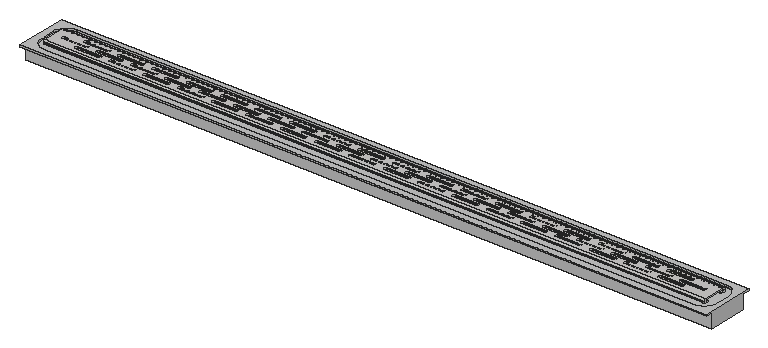
Revit family "Drain-Linear_Slotted_Noble_FreeStyle", category Plumbing Fixtures, host Face, Revit 2017
Family settings
  Host = Face
  Round Connector Dimension = Use Diameter
  Part Type = Normal
  OmniClass Number = 23.45.55.21
  OmniClass Title = Drains (Wastes)
  Cut with Voids When Loaded = No
  Shared = No
  Room Calculation Point = No
Parameters (values of type "60in PVC")
  Weight = "10 lbs"
  URL = "www.noblecompany.com"
  Type Comments = ""
  Product Properties = "http://www.noblecompany.com/Portals/0/PRODUCT%20INFO/Product%20Descriptions/FreeStyle%20Linear%20Drain%20Product%20Decription%200410.pdf"
  Product Data = "http://www.noblecompany.com/Products/ShowerProducts/tabid/59/Default.aspx"
  Plate = Stainless Steel - Brushed
  Model = "Freestyle 60 PVC - Slotted"
  Manufacturer Phone - Toll Free = "800-878-5788"
  Manufacturer Phone = "231-799-8000"
  Manufacturer Fax = "231-799-8850"
  Manufacturer Email = "mailto:sales@noblecompany.com"
  Manufacturer Address = "7300 Enterprise Drive, Spring Lake, MI  49456 USA"
  Manufacturer = "Noble Company"
  Installation-Fabrication = "http://www.noblecompany.com/Portals/0/PRODUCT%20INFO/Product%20Descriptions/FreeStyle%20Linear%20Drain%20Product%20Decription%200410.pdf"
  GPM = 0 GPM
  Description = "Freestyle 60 PVC - Slotted Linear Drain"
  Building Codes = "http://www.noblecompany.com/Portals/0/TECHNICAL%20INFO/Listing_Testing_Certification_Reports/PMG-1065%20Noble%20Company%20Linear%20Drain%20final%202.pdf"
  Base = PVC
  B = 57 3/4"
  Assembly Code = "D2030300"
  A = 60"
  Default Elevation = 0"
  D = 1 5/8"
  C = 33 3/4"
Types (14): name | Model | Description | Base | B | A | D | C
  24in ABS | "Freestyle 24 ABS - Slotted" | "Freestyle 24 ABS - Slotted Linear Drain" | ABS | 21 3/4" | 24" | 1 1/4" | 15 3/4"
  32in ABS | "Freestyle 32 ABS - Slotted" | "Freestyle 32 ABS - Slotted Linear Drain" | ABS | 29 3/4" | 32" | 1 3/8" | 19 1/2"
  36in ABS | "Freestyle 36 ABS - Slotted" | "Freestyle 36 ABS - Slotted Linear Drain" | ABS | 33 3/4" | 36" | 1 3/8" | 21 3/4"
  40in ABS | "Freestyle 40 ABS - Slotted" | "Freestyle 40 ABS - Slotted Linear Drain" | ABS | 37 3/4" | 40" | 1 7/16" | 23 3/4"
  48in ABS | "Freestyle 48 ABS - Slotted" | "Freestyle 48 ABS - Slotted Linear Drain" | ABS | 45 3/4" | 48" | 1 1/2" | 27 3/4"
  54in ABS | "Freestyle 54 ABS - Slotted" | "Freestyle 54 ABS - Slotted Linear Drain" | ABS | 51 3/4" | 54" | 1 9/16" | 30 3/4"
  60in ABS | "Freestyle 60 ABS - Slotted" | "Freestyle 60 ABS - Slotted Linear Drain" | ABS | 57 3/4" | 60" | 1 5/8" | 33 3/4"
  24in PVC | "Freestyle 24 PVC - Slotted" | "Freestyle 24 PVC - Slotted Linear Drain" | PVC | 21 3/4" | 24" | 1 1/4" | 15 3/4"
  32in PVC | "Freestyle 32 PVC - Slotted" | "Freestyle 32 PVC - Slotted Linear Drain" | PVC | 29 3/4" | 32" | 1 3/8" | 19 1/2"
  36in PVC | "Freestyle 36 PVC - Slotted" | "Freestyle 36 PVC - Slotted Linear Drain" | PVC | 33 3/4" | 36" | 1 3/8" | 21 3/4"
  40in PVC | "Freestyle 40 PVC - Slotted" | "Freestyle 40 PVC - Slotted Linear Drain" | PVC | 37 3/4" | 40" | 1 7/16" | 23 3/4"
  48in PVC | "Freestyle 48 PVC - Slotted" | "Freestyle 48 PVC - Slotted Linear Drain" | PVC | 45 3/4" | 48" | 1 1/2" | 27 3/4"
  54in PVC | "Freestyle 54 PVC - Slotted" | "Freestyle 54 PVC - Slotted Linear Drain" | PVC | 51 3/4" | 54" | 1 9/16" | 30 3/4"
  60in PVC | "Freestyle 60 PVC - Slotted" | "Freestyle 60 PVC - Slotted Linear Drain" | PVC | 57 3/4" | 60" | 1 5/8" | 33 3/4"
Reference planes (in)
  plane 1 "Center (Front/Back)": y = 0
  plane 2: z = 0
  plane 3 "Center (Left/Right)": x = 0
  plane 4: z = -1.625
  plane 5: z = -4.05899
  plane 6: z = -1.625
  plane 7: y = 1.6875
  plane 8: y = -1.6875
  plane 9: z = -0.375
  plane 10: y = 2.25
  plane 11: y = -2.25
  plane 12: z = -0.3125
  plane 13: x = 30
  plane 14: x = -30
  plane 15: x = 28.875
  plane 16: x = -3.75
  plane 17: x = -28.875
  plane 18: z = -0.125
Forms (in)
  Extrusion 1, void, detail levels medium+fine
    sketch origin (0, 0, 0) x (1, 0, 0) y (0, 1, 0)
      loop
        circle (-3.75, 0) r 1
    from -60 to 34.55449
  Extrusion 2, solid, material "PVC" <- "Base", detail levels medium+fine
    sketch origin (10.05986, 0, 0) x (0, 1, 0) y (0, 0, 1)
      loop
        line (2.25, -0.375) -> (2.25, -0.25) -> (-2.25, -0.25) -> (-2.25, -0.375) -> (-1.6875, -0.375) -> (-1.6875, -1.625) -> (1.6875, -1.625) -> (1.6875, -0.375) -> (2.25, -0.375)
    from -40.05986 to 19.94014
  Extrusion 3, void
    sketch origin (10.05986, 0, 0) x (1, 0, 0) y (0, 1, 0)
      loop
        arc (-38.37906, 1.769) -> (-39.18512, 1.43512) -> (-39.519, 0.62906) r 1.13994
        line (-39.519, 0.62906) -> (-39.519, -0.63005)
        arc (-39.519, -0.63005) -> (-39.18541, -1.43541) -> (-38.38005, -1.769) r 1.13895
        line (-38.38005, -1.769) -> (18.37931, -1.769)
        arc (18.37931, -1.769) -> (19.18519, -1.43519) -> (19.519, -0.62931) r 1.13969
        line (19.519, -0.62931) -> (19.519, 0.62118)
        arc (19.519, 0.62118) -> (19.18281, 1.43281) -> (18.37118, 1.769) r 1.14782
        line (18.37118, 1.769) -> (-38.37906, 1.769)
    from -0.375 to 0
  Extrusion 4, void
    sketch origin (0, 0, 0) x (1, 0, 0) y (0, 1, 0)
      loop
        line (29, 1.269) -> (-29, 1.269) -> (-29, -1.269) -> (29, -1.269) -> (29, 1.269)
    from -0.125 to 0
  Extrusion 5, void, detail levels fine
    sketch origin (0, 0, 0) x (0, 1, 0) y (0, 0, 1)
      loop
        line (2.25, -0.375) -> (2.25, -0.125) -> (-2.25, -0.125) -> (-2.25, -0.375) -> (-1.6875, -0.375) -> (-1.6875, -1.625) -> (1.6875, -1.625) -> (1.6875, -0.375) -> (2.25, -0.375)
    from -30 to 30
Cuts and joins
  Extrusion 1, Extrusion 3 cuts Extrusion 2
Lines and regions (in)
  model lines, detail levels coarse+medium
    curve 1: line (-3.75, 0, 0) -> (-3.75, 0, -1.625)
  model lines, style "PlumbingFixtures", detail levels coarse
    curve 2: line (-30, 2.25, 0) -> (-30, -2.25, 0)
    curve 3: line (-30, 2.25, 0) -> (30, 2.25, 0)
    curve 4: line (30, 2.25, 0) -> (30, -2.25, 0)
    curve 5: line (-30, -2.25, 0) -> (30, -2.25, 0)
    curve 6: line (30, 0, 0) -> (-30, 0, 0)
Dimensions and locks (in)
  "D": plane 2 to plane 4
  locked: plane 4 to plane 5 at 2.43399
  "D": plane 6 to level
  equal spacing: plane 7, plane 1 "Center (Front/Back)", plane 8, locked at 1.6875 each
  locked: plane 9 to level at 0.375
  plane 7 to plane 8 = 3 3/8"
  locked: plane 10 to plane 7 at 0.5625
  locked: plane 8 to plane 11 at 0.5625
  "A": plane 14 to plane 13
  locked: plane 15 to plane 13 at 1.125
  "C": plane 16 to plane 13
  locked: plane 14 to plane 17 at 1.125
  locked: Extrusion 3 sketch curve to plane 13 at 0.42114
  locked: plane 14 to Extrusion 3 sketch curve at 0.54086
  equal spacing: plane 14, plane 3 "Center (Left/Right)", plane 13
  locked: plane 9 to plane 12 at 0.0625
  locked: level to plane 18 at 0.125
  level to Extrusion 2 sketch curve = 1/4"
  locked: plane 15 to Extrusion 4 sketch curve at 0.125
  locked: Extrusion 4 sketch curve to plane 17 at 0.125
  radius of Extrusion 1 sketch curve = 1"
  aligned and locked: plane 2 to host face
  aligned and locked: level to host face
  aligned and locked: plane 1 "Center (Front/Back)" to Extrusion 1 sketch curve
  aligned and locked: plane 13 to Extrusion 2
  aligned and locked: plane 16 to Extrusion 1 sketch curve
  aligned and locked: plane 10 to Extrusion 5 sketch curve
  aligned and locked: plane 9 to Extrusion 5 sketch curve
  aligned and locked: plane 7 to Extrusion 5 sketch curve
  aligned and locked: plane 4 to Extrusion 5 sketch curve
  aligned and locked: plane 11 to Extrusion 5 sketch curve
  aligned and locked: Extrusion 5 sketch curve to plane 8
  aligned and locked: Extrusion 5 to plane 14
  aligned and locked: plane 13 to Extrusion 5
  aligned and locked: curve 6 to plane 1 "Center (Front/Back)"
  aligned and locked: plane 14 to curve 6
  aligned and locked: plane 13 to curve 6
  aligned and locked: curve 1 to plane 16
  aligned and locked: level to curve 1
  aligned and locked: plane 6 to curve 1
  aligned and locked: Extrusion 2 to plane 14
  aligned and locked: plane 3 "Center (Left/Right)" to nested 1
  aligned and locked: plane 1 "Center (Front/Back)" to nested 1
  aligned and locked: plane 12 to nested 1
  aligned and locked: plane 9 to Extrusion 3
  aligned and locked: Extrusion 4 to plane 18
  aligned and locked: level to Extrusion 4
Automatic sketch dimensions
  host sketch curve to host sketch curve = 48 1/4"
  host sketch curve to host sketch curve = 96"
  plane 9 to Extrusion 2 sketch curve = 0"  (x2)
  Extrusion 2 sketch curve to plane 11 = 0"
  Extrusion 2 sketch curve to plane 4 = 0"
  Extrusion 2 sketch curve to plane 8 = 0"
  Extrusion 2 sketch curve to plane 7 = 0"
  Extrusion 2 sketch curve to plane 10 = 0"
  Extrusion 3 sketch curve to plane 8 = 0.0815"
  plane 17 to Extrusion 3 sketch curve = 0.55481"
  Extrusion 3 sketch curve to plane 7 = 0.0815"
  plane 17 to Extrusion 3 sketch curve = 0.5558"
  Extrusion 3 sketch curve to plane 15 = 0.44396"
  Extrusion 3 sketch curve to plane 15 = 0.43583"
  curve 2 to plane 10 = 0"
  curve 5 to plane 11 = 0"
  plane 9 to Extrusion 5 sketch curve = 0"
  Extrusion 5 sketch curve to plane 18 = 0"
  plane 8 to Extrusion 4 sketch curve = 0.4185"
  plane 7 to Extrusion 4 sketch curve = 0.4185"
Nested families (in)
  nested 1: "Strainer" at (-12.24848, 0, -0.3125), type "24"", detail levels fine
    with Strainer Length 57 3/4"
Connectors (in)
  piping at (-3.75, 0, -1.625), diameter 2, driven by "GPM"
    settings: on cut or joined group of Extrusion 1, Extrusion 2, Extrusion 3, index 1, connector inside diameter 2", connector length 0", flow factor 0, pipe flow 0 GPM, pressure drop 0.00 psi, fitting loss kfactor 0, connector angle 0.00°, fixture units 0, engagement length 0", angle of deflection 0.00°, flow configuration 0, flow direction 2, fitting loss method 0, system type 16, joint type 0, gender type 0, connector reference index -1, connector utility 0, adjustable connector no, is connector primary yes, connector description ""
Definition of nested family "Strainer"
  Parameters
    Strainer Width = 2 1/4"
    Strainer Height = 5/16"
    Strainer Length = 21 3/4"
    Strainer Finish = none
  Reference planes (in)
    plane 1 "Center (Front/Back)": y = 0
    plane 2: z = 0
    plane 3 "Center (Left/Right)": x = 12.24848
    plane 4 "Left": x = 1.37348
    plane 5 "Right": x = 23.12348
    plane 6: y = 1.125
    plane 7: y = -1.125
    plane 8: x = 42.24848
    plane 9: x = -17.75152
    plane 10: z = 0.3125
  Forms (in)
    Extrusion 1, solid, material <- "Strainer Finish", detail levels medium+fine
      sketch origin (0, 0, 0) x (1, 0, 0) y (0, 1, 0)
        loop
          line (-16.62652, 1.1245) -> (-16.62652, -1.1245) -> (41.12348, -1.1245) -> (41.12348, 1.1245) -> (-16.62652, 1.1245)
        loop
          line (-14.25152, 0.36) -> (-12.25152, 0.36)
          arc (-12.25152, 0.36) -> (-12.11152, 0.5) -> (-12.25152, 0.64) r 0.14
          line (-12.25152, 0.64) -> (-14.25152, 0.64)
          arc (-14.25152, 0.64) -> (-14.39152, 0.5) -> (-14.25152, 0.36) r 0.14
        loop
          line (-13.75152, 0.14) -> (-15.75152, 0.14)
          arc (-15.75152, 0.14) -> (-15.89152, 0) -> (-15.75152, -0.14) r 0.14
          line (-15.75152, -0.14) -> (-13.75152, -0.14)
          arc (-13.75152, -0.14) -> (-13.61152, 0) -> (-13.75152, 0.14) r 0.14
        loop
          line (-14.25152, -0.64) -> (-12.25152, -0.64)
          arc (-12.25152, -0.64) -> (-12.11152, -0.5) -> (-12.25152, -0.36) r 0.14
          line (-12.25152, -0.36) -> (-14.25152, -0.36)
          arc (-14.25152, -0.36) -> (-14.39152, -0.5) -> (-14.25152, -0.64) r 0.14
        loop
          line (-12.75152, -0.14) -> (-10.75152, -0.14)
          arc (-10.75152, -0.14) -> (-10.61152, 0) -> (-10.75152, 0.14) r 0.14
          line (-10.75152, 0.14) -> (-12.75152, 0.14)
          arc (-12.75152, 0.14) -> (-12.89152, 0) -> (-12.75152, -0.14) r 0.14
        loop
          line (-11.25152, 0.36) -> (-9.25152, 0.36)
          arc (-9.25152, 0.36) -> (-9.11152, 0.5) -> (-9.25152, 0.64) r 0.14
          line (-9.25152, 0.64) -> (-11.25152, 0.64)
          arc (-11.25152, 0.64) -> (-11.39152, 0.5) -> (-11.25152, 0.36) r 0.14
        loop
          line (-11.25152, -0.64) -> (-9.25152, -0.64)
          arc (-9.25152, -0.64) -> (-9.11152, -0.5) -> (-9.25152, -0.36) r 0.14
          line (-9.25152, -0.36) -> (-11.25152, -0.36)
          arc (-11.25152, -0.36) -> (-11.39152, -0.5) -> (-11.25152, -0.64) r 0.14
        loop
          line (-9.75152, -0.14) -> (-7.75152, -0.14)
          arc (-7.75152, -0.14) -> (-7.61152, 0) -> (-7.75152, 0.14) r 0.14
          line (-7.75152, 0.14) -> (-9.75152, 0.14)
          arc (-9.75152, 0.14) -> (-9.89152, 0) -> (-9.75152, -0.14) r 0.14
        loop
          line (-8.25152, 0.36) -> (-6.25152, 0.36)
          arc (-6.25152, 0.36) -> (-6.11152, 0.5) -> (-6.25152, 0.64) r 0.14
          line (-6.25152, 0.64) -> (-8.25152, 0.64)
          arc (-8.25152, 0.64) -> (-8.39152, 0.5) -> (-8.25152, 0.36) r 0.14
        loop
          line (-8.25152, -0.64) -> (-6.25152, -0.64)
          arc (-6.25152, -0.64) -> (-6.11152, -0.5) -> (-6.25152, -0.36) r 0.14
          line (-6.25152, -0.36) -> (-8.25152, -0.36)
          arc (-8.25152, -0.36) -> (-8.39152, -0.5) -> (-8.25152, -0.64) r 0.14
        loop
          line (-6.75152, -0.14) -> (-4.75152, -0.14)
          arc (-4.75152, -0.14) -> (-4.61152, 0) -> (-4.75152, 0.14) r 0.14
          line (-4.75152, 0.14) -> (-6.75152, 0.14)
          arc (-6.75152, 0.14) -> (-6.89152, 0) -> (-6.75152, -0.14) r 0.14
        loop
          line (-5.25152, 0.36) -> (-3.25152, 0.36)
          arc (-3.25152, 0.36) -> (-3.11152, 0.5) -> (-3.25152, 0.64) r 0.14
          line (-3.25152, 0.64) -> (-5.25152, 0.64)
          arc (-5.25152, 0.64) -> (-5.39152, 0.5) -> (-5.25152, 0.36) r 0.14
        loop
          line (-5.25152, -0.64) -> (-3.25152, -0.64)
          arc (-3.25152, -0.64) -> (-3.11152, -0.5) -> (-3.25152, -0.36) r 0.14
          line (-3.25152, -0.36) -> (-5.25152, -0.36)
          arc (-5.25152, -0.36) -> (-5.39152, -0.5) -> (-5.25152, -0.64) r 0.14
        loop
          line (-3.75152, -0.14) -> (-1.75152, -0.14)
          arc (-1.75152, -0.14) -> (-1.61152, 0) -> (-1.75152, 0.14) r 0.14
          line (-1.75152, 0.14) -> (-3.75152, 0.14)
          arc (-3.75152, 0.14) -> (-3.89152, 0) -> (-3.75152, -0.14) r 0.14
        loop
          line (-2.25152, 0.36) -> (-0.25152, 0.36)
          arc (-0.25152, 0.36) -> (-0.11152, 0.5) -> (-0.25152, 0.64) r 0.14
          line (-0.25152, 0.64) -> (-2.25152, 0.64)
          arc (-2.25152, 0.64) -> (-2.39152, 0.5) -> (-2.25152, 0.36) r 0.14
        loop
          line (-2.25152, -0.64) -> (-0.25152, -0.64)
          arc (-0.25152, -0.64) -> (-0.11152, -0.5) -> (-0.25152, -0.36) r 0.14
          line (-0.25152, -0.36) -> (-2.25152, -0.36)
          arc (-2.25152, -0.36) -> (-2.39152, -0.5) -> (-2.25152, -0.64) r 0.14
        loop
          line (-0.75152, -0.14) -> (1.24848, -0.14)
          arc (1.24848, -0.14) -> (1.38848, 0) -> (1.24848, 0.14) r 0.14
          line (1.24848, 0.14) -> (-0.75152, 0.14)
          arc (-0.75152, 0.14) -> (-0.89152, 0) -> (-0.75152, -0.14) r 0.14
        loop
          line (0.74848, 0.36) -> (2.74848, 0.36)
          arc (2.74848, 0.36) -> (2.88848, 0.5) -> (2.74848, 0.64) r 0.14
          line (2.74848, 0.64) -> (0.74848, 0.64)
          arc (0.74848, 0.64) -> (0.60848, 0.5) -> (0.74848, 0.36) r 0.14
        loop
          line (0.74848, -0.64) -> (2.74848, -0.64)
          arc (2.74848, -0.64) -> (2.88848, -0.5) -> (2.74848, -0.36) r 0.14
          line (2.74848, -0.36) -> (0.74848, -0.36)
          arc (0.74848, -0.36) -> (0.60848, -0.5) -> (0.74848, -0.64) r 0.14
        loop
          line (2.24848, -0.14) -> (4.24848, -0.14)
          arc (4.24848, -0.14) -> (4.38848, 0) -> (4.24848, 0.14) r 0.14
          line (4.24848, 0.14) -> (2.24848, 0.14)
          arc (2.24848, 0.14) -> (2.10848, 0) -> (2.24848, -0.14) r 0.14
        loop
          line (3.74848, 0.36) -> (5.74848, 0.36)
          arc (5.74848, 0.36) -> (5.88848, 0.5) -> (5.74848, 0.64) r 0.14
          line (5.74848, 0.64) -> (3.74848, 0.64)
          arc (3.74848, 0.64) -> (3.60848, 0.5) -> (3.74848, 0.36) r 0.14
        loop
          line (3.74848, -0.64) -> (5.74848, -0.64)
          arc (5.74848, -0.64) -> (5.88848, -0.5) -> (5.74848, -0.36) r 0.14
          line (5.74848, -0.36) -> (3.74848, -0.36)
          arc (3.74848, -0.36) -> (3.60848, -0.5) -> (3.74848, -0.64) r 0.14
        loop
          line (5.24848, -0.14) -> (7.24848, -0.14)
          arc (7.24848, -0.14) -> (7.38848, 0) -> (7.24848, 0.14) r 0.14
          line (7.24848, 0.14) -> (5.24848, 0.14)
          arc (5.24848, 0.14) -> (5.10848, 0) -> (5.24848, -0.14) r 0.14
        loop
          line (6.74848, 0.36) -> (8.74848, 0.36)
          arc (8.74848, 0.36) -> (8.88848, 0.5) -> (8.74848, 0.64) r 0.14
          line (8.74848, 0.64) -> (6.74848, 0.64)
          arc (6.74848, 0.64) -> (6.60848, 0.5) -> (6.74848, 0.36) r 0.14
        loop
          line (6.74848, -0.64) -> (8.74848, -0.64)
          arc (8.74848, -0.64) -> (8.88848, -0.5) -> (8.74848, -0.36) r 0.14
          line (8.74848, -0.36) -> (6.74848, -0.36)
          arc (6.74848, -0.36) -> (6.60848, -0.5) -> (6.74848, -0.64) r 0.14
        loop
          line (8.24848, -0.14) -> (10.24848, -0.14)
          arc (10.24848, -0.14) -> (10.38848, 0) -> (10.24848, 0.14) r 0.14
          line (10.24848, 0.14) -> (8.24848, 0.14)
          arc (8.24848, 0.14) -> (8.10848, 0) -> (8.24848, -0.14) r 0.14
        loop
          line (9.74848, 0.36) -> (11.74848, 0.36)
          arc (11.74848, 0.36) -> (11.88848, 0.5) -> (11.74848, 0.64) r 0.14
          line (11.74848, 0.64) -> (9.74848, 0.64)
          arc (9.74848, 0.64) -> (9.60848, 0.5) -> (9.74848, 0.36) r 0.14
        loop
          line (9.74848, -0.64) -> (11.74848, -0.64)
          arc (11.74848, -0.64) -> (11.88848, -0.5) -> (11.74848, -0.36) r 0.14
          line (11.74848, -0.36) -> (9.74848, -0.36)
          arc (9.74848, -0.36) -> (9.60848, -0.5) -> (9.74848, -0.64) r 0.14
        loop
          line (11.24848, -0.14) -> (13.24848, -0.14)
          arc (13.24848, -0.14) -> (13.38848, 0) -> (13.24848, 0.14) r 0.14
          line (13.24848, 0.14) -> (11.24848, 0.14)
          arc (11.24848, 0.14) -> (11.10848, 0) -> (11.24848, -0.14) r 0.14
        loop
          line (12.74848, 0.36) -> (14.74848, 0.36)
          arc (14.74848, 0.36) -> (14.88848, 0.5) -> (14.74848, 0.64) r 0.14
          line (14.74848, 0.64) -> (12.74848, 0.64)
          arc (12.74848, 0.64) -> (12.60848, 0.5) -> (12.74848, 0.36) r 0.14
        loop
          line (12.74848, -0.64) -> (14.74848, -0.64)
          arc (14.74848, -0.64) -> (14.88848, -0.5) -> (14.74848, -0.36) r 0.14
          line (14.74848, -0.36) -> (12.74848, -0.36)
          arc (12.74848, -0.36) -> (12.60848, -0.5) -> (12.74848, -0.64) r 0.14
        loop
          line (14.24848, -0.14) -> (16.24848, -0.14)
          arc (16.24848, -0.14) -> (16.38848, 0) -> (16.24848, 0.14) r 0.14
          line (16.24848, 0.14) -> (14.24848, 0.14)
          arc (14.24848, 0.14) -> (14.10848, 0) -> (14.24848, -0.14) r 0.14
        loop
          line (15.74848, 0.36) -> (17.74848, 0.36)
          arc (17.74848, 0.36) -> (17.88848, 0.5) -> (17.74848, 0.64) r 0.14
          line (17.74848, 0.64) -> (15.74848, 0.64)
          arc (15.74848, 0.64) -> (15.60848, 0.5) -> (15.74848, 0.36) r 0.14
        loop
          line (15.74848, -0.64) -> (17.74848, -0.64)
          arc (17.74848, -0.64) -> (17.88848, -0.5) -> (17.74848, -0.36) r 0.14
          line (17.74848, -0.36) -> (15.74848, -0.36)
          arc (15.74848, -0.36) -> (15.60848, -0.5) -> (15.74848, -0.64) r 0.14
        loop
          line (17.24848, -0.14) -> (19.24848, -0.14)
          arc (19.24848, -0.14) -> (19.38848, 0) -> (19.24848, 0.14) r 0.14
          line (19.24848, 0.14) -> (17.24848, 0.14)
          arc (17.24848, 0.14) -> (17.10848, 0) -> (17.24848, -0.14) r 0.14
        loop
          line (18.74848, 0.36) -> (20.74848, 0.36)
          arc (20.74848, 0.36) -> (20.88848, 0.5) -> (20.74848, 0.64) r 0.14
          line (20.74848, 0.64) -> (18.74848, 0.64)
          arc (18.74848, 0.64) -> (18.60848, 0.5) -> (18.74848, 0.36) r 0.14
        loop
          line (18.74848, -0.64) -> (20.74848, -0.64)
          arc (20.74848, -0.64) -> (20.88848, -0.5) -> (20.74848, -0.36) r 0.14
          line (20.74848, -0.36) -> (18.74848, -0.36)
          arc (18.74848, -0.36) -> (18.60848, -0.5) -> (18.74848, -0.64) r 0.14
        loop
          line (20.24848, -0.14) -> (22.24848, -0.14)
          arc (22.24848, -0.14) -> (22.38848, 0) -> (22.24848, 0.14) r 0.14
          line (22.24848, 0.14) -> (20.24848, 0.14)
          arc (20.24848, 0.14) -> (20.10848, 0) -> (20.24848, -0.14) r 0.14
        loop
          line (21.74848, 0.36) -> (23.74848, 0.36)
          arc (23.74848, 0.36) -> (23.88848, 0.5) -> (23.74848, 0.64) r 0.14
          line (23.74848, 0.64) -> (21.74848, 0.64)
          arc (21.74848, 0.64) -> (21.60848, 0.5) -> (21.74848, 0.36) r 0.14
        loop
          line (21.74848, -0.64) -> (23.74848, -0.64)
          arc (23.74848, -0.64) -> (23.88848, -0.5) -> (23.74848, -0.36) r 0.14
          line (23.74848, -0.36) -> (21.74848, -0.36)
          arc (21.74848, -0.36) -> (21.60848, -0.5) -> (21.74848, -0.64) r 0.14
        loop
          line (23.24848, -0.14) -> (25.24848, -0.14)
          arc (25.24848, -0.14) -> (25.38848, 0) -> (25.24848, 0.14) r 0.14
          line (25.24848, 0.14) -> (23.24848, 0.14)
          arc (23.24848, 0.14) -> (23.10848, 0) -> (23.24848, -0.14) r 0.14
        loop
          line (24.74848, 0.36) -> (26.74848, 0.36)
          arc (26.74848, 0.36) -> (26.88848, 0.5) -> (26.74848, 0.64) r 0.14
          line (26.74848, 0.64) -> (24.74848, 0.64)
          arc (24.74848, 0.64) -> (24.60848, 0.5) -> (24.74848, 0.36) r 0.14
        loop
          line (24.74848, -0.64) -> (26.74848, -0.64)
          arc (26.74848, -0.64) -> (26.88848, -0.5) -> (26.74848, -0.36) r 0.14
          line (26.74848, -0.36) -> (24.74848, -0.36)
          arc (24.74848, -0.36) -> (24.60848, -0.5) -> (24.74848, -0.64) r 0.14
        loop
          line (26.24848, -0.14) -> (28.24848, -0.14)
          arc (28.24848, -0.14) -> (28.38848, 0) -> (28.24848, 0.14) r 0.14
          line (28.24848, 0.14) -> (26.24848, 0.14)
          arc (26.24848, 0.14) -> (26.10848, 0) -> (26.24848, -0.14) r 0.14
        loop
          line (27.74848, 0.36) -> (29.74848, 0.36)
          arc (29.74848, 0.36) -> (29.88848, 0.5) -> (29.74848, 0.64) r 0.14
          line (29.74848, 0.64) -> (27.74848, 0.64)
          arc (27.74848, 0.64) -> (27.60848, 0.5) -> (27.74848, 0.36) r 0.14
        loop
          line (27.74848, -0.64) -> (29.74848, -0.64)
          arc (29.74848, -0.64) -> (29.88848, -0.5) -> (29.74848, -0.36) r 0.14
          line (29.74848, -0.36) -> (27.74848, -0.36)
          arc (27.74848, -0.36) -> (27.60848, -0.5) -> (27.74848, -0.64) r 0.14
        loop
          line (29.24848, -0.14) -> (31.24848, -0.14)
          arc (31.24848, -0.14) -> (31.38848, 0) -> (31.24848, 0.14) r 0.14
          line (31.24848, 0.14) -> (29.24848, 0.14)
          arc (29.24848, 0.14) -> (29.10848, 0) -> (29.24848, -0.14) r 0.14
        loop
          line (30.74848, 0.36) -> (32.74848, 0.36)
          arc (32.74848, 0.36) -> (32.88848, 0.5) -> (32.74848, 0.64) r 0.14
          line (32.74848, 0.64) -> (30.74848, 0.64)
          arc (30.74848, 0.64) -> (30.60848, 0.5) -> (30.74848, 0.36) r 0.14
        loop
          line (30.74848, -0.64) -> (32.74848, -0.64)
          arc (32.74848, -0.64) -> (32.88848, -0.5) -> (32.74848, -0.36) r 0.14
          line (32.74848, -0.36) -> (30.74848, -0.36)
          arc (30.74848, -0.36) -> (30.60848, -0.5) -> (30.74848, -0.64) r 0.14
        loop
          line (32.24848, -0.14) -> (34.24848, -0.14)
          arc (34.24848, -0.14) -> (34.38848, 0) -> (34.24848, 0.14) r 0.14
          line (34.24848, 0.14) -> (32.24848, 0.14)
          arc (32.24848, 0.14) -> (32.10848, 0) -> (32.24848, -0.14) r 0.14
        loop
          line (33.74848, 0.36) -> (35.74848, 0.36)
          arc (35.74848, 0.36) -> (35.88848, 0.5) -> (35.74848, 0.64) r 0.14
          line (35.74848, 0.64) -> (33.74848, 0.64)
          arc (33.74848, 0.64) -> (33.60848, 0.5) -> (33.74848, 0.36) r 0.14
        loop
          line (33.74848, -0.64) -> (35.74848, -0.64)
          arc (35.74848, -0.64) -> (35.88848, -0.5) -> (35.74848, -0.36) r 0.14
          line (35.74848, -0.36) -> (33.74848, -0.36)
          arc (33.74848, -0.36) -> (33.60848, -0.5) -> (33.74848, -0.64) r 0.14
        loop
          line (35.24848, -0.14) -> (37.24848, -0.14)
          arc (37.24848, -0.14) -> (37.38848, 0) -> (37.24848, 0.14) r 0.14
          line (37.24848, 0.14) -> (35.24848, 0.14)
          arc (35.24848, 0.14) -> (35.10848, 0) -> (35.24848, -0.14) r 0.14
        loop
          line (36.74848, 0.36) -> (38.74848, 0.36)
          arc (38.74848, 0.36) -> (38.88848, 0.5) -> (38.74848, 0.64) r 0.14
          line (38.74848, 0.64) -> (36.74848, 0.64)
          arc (36.74848, 0.64) -> (36.60848, 0.5) -> (36.74848, 0.36) r 0.14
        loop
          line (36.74848, -0.64) -> (38.74848, -0.64)
          arc (38.74848, -0.64) -> (38.88848, -0.5) -> (38.74848, -0.36) r 0.14
          line (38.74848, -0.36) -> (36.74848, -0.36)
          arc (36.74848, -0.36) -> (36.60848, -0.5) -> (36.74848, -0.64) r 0.14
        loop
          line (38.24848, -0.14) -> (40.24848, -0.14)
          arc (40.24848, -0.14) -> (40.38848, 0) -> (40.24848, 0.14) r 0.14
          line (40.24848, 0.14) -> (38.24848, 0.14)
          arc (38.24848, 0.14) -> (38.10848, 0) -> (38.24848, -0.14) r 0.14
      from 0 to 0.3125
    Extrusion 2, void
      sketch origin (12.24848, 0, 0) x (0, 1, 0) y (0, 0, 1)
        loop
          line (1.1245, 0.3125) -> (0.9995, 0.3125)
          arc (0.9995, 0.3125) -> (1.08789, 0.27589) -> (1.1245, 0.1875) r 0.125
          line (1.1245, 0.1875) -> (1.1245, 0.3125)
        loop
          line (-1.1245, 0.3125) -> (-1.1245, 0.1875)
          arc (-1.1245, 0.1875) -> (-1.08789, 0.27589) -> (-0.9995, 0.3125) r 0.125
          line (-0.9995, 0.3125) -> (-1.1245, 0.3125)
        loop
          line (1.1245, 0) -> (1.1245, 0.125)
          arc (1.1245, 0.125) -> (1.08789, 0.03661) -> (0.9995, 0) r 0.125
          line (0.9995, 0) -> (1.1245, 0)
        loop
          line (-1.1245, 0) -> (-0.9995, 0)
          arc (-0.9995, 0) -> (-1.08789, 0.03661) -> (-1.1245, 0.125) r 0.125
          line (-1.1245, 0.125) -> (-1.1245, 0)
        loop
          line (-0.75, 0) -> (0.75, 0) -> (0.75, 0.0625) -> (0.9995, 0.0625)
          arc (0.9995, 0.0625) -> (1.06302, 0.15625) -> (0.9995, 0.25) r 0.10095
          line (0.9995, 0.25) -> (-0.9995, 0.25)
          arc (-0.9995, 0.25) -> (-1.06302, 0.15625) -> (-0.9995, 0.0625) r 0.10095
          line (-0.9995, 0.0625) -> (-0.75, 0.0625) -> (-0.75, 0)
      from -30 to 30
    Extrusion 3, void
      sketch origin (0, 0, 0) x (1, 0, 0) y (0, 1, 0)
        loop
          line (-17.75152, 1.25) -> (-17.75152, -1.25) -> (1.37348, -1.25) -> (1.37348, 1.25) -> (-17.75152, 1.25)
        loop
          line (23.12348, 1.25) -> (23.12348, -1.25) -> (42.24848, -1.25) -> (42.24848, 1.25) -> (23.12348, 1.25)
      from 0 to 0.3125
  Cuts and joins
    Extrusion 2, Extrusion 3 cuts Extrusion 1
  Dimensions and locks (in)
    locked: Extrusion 1 sketch curve to Extrusion 1 sketch curve at 57.75
    "Strainer Length": plane 4 "Left" to plane 5 "Right"
    equal spacing: plane 4 "Left", plane 3 "Center (Left/Right)", plane 5 "Right"
    equal spacing: plane 7, plane 1 "Center (Front/Back)", plane 6
    "Strainer Width": plane 6 to plane 7
    "Strainer Height": plane 10 to level
    Extrusion 2 to level = 5/16"
    plane 9 to plane 3 "Center (Left/Right)" to plane 8 = 30" locked, 30" locked
    Extrusion 3 sketch curve to plane 1 "Center (Front/Back)" to Extrusion 3 sketch curve = 1 1/4" locked, 1 1/4" locked  (x2)
    aligned and locked: plane 10 to Extrusion 1
    aligned and locked: Extrusion 2 to plane 9
    aligned and locked: plane 8 to Extrusion 2
    aligned and locked: plane 9 to Extrusion 3 sketch curve
    aligned and locked: Extrusion 3 sketch curve to plane 4 "Left"
    aligned and locked: Extrusion 3 sketch curve to plane 8
    aligned and locked: plane 5 "Right" to Extrusion 3 sketch curve
    aligned and locked: plane 10 to cut or joined group of Extrusion 1, Extrusion 2, Extrusion 3
  Automatic sketch dimensions
    plane 1 "Center (Front/Back)" to Extrusion 1 sketch curve = 0"  (x19)
    plane 1 "Center (Front/Back)" to Extrusion 1 sketch curve = 1.1245"
    Extrusion 1 sketch curve to plane 3 "Center (Left/Right)" = 28 7/8"
    Extrusion 1 sketch curve to Extrusion 1 sketch curve = 7/8"  (x2)
    plane 1 "Center (Front/Back)" to Extrusion 1 sketch curve = 1/2"
    Extrusion 1 sketch curve to Extrusion 1 sketch curve = 1 1/2"
    Extrusion 1 sketch curve to plane 1 "Center (Front/Back)" = 0.64"
    Extrusion 1 sketch curve to Extrusion 1 sketch curve = 0"  (x17)
    plane 1 "Center (Front/Back)" to Extrusion 1 sketch curve = 0.14"  (x4)
    Extrusion 1 sketch curve to Extrusion 1 sketch curve = 1/2"  (x52)
    Extrusion 1 sketch curve to plane 1 "Center (Front/Back)" = 0.14"  (x15)
    Extrusion 1 sketch curve to Extrusion 1 sketch curve = 1"  (x33)
    Extrusion 1 sketch curve to plane 1 "Center (Front/Back)" = 1/2"  (x8)
    plane 1 "Center (Front/Back)" to Extrusion 1 sketch curve = 0.36"  (x5)
    Extrusion 1 sketch curve to plane 3 "Center (Left/Right)" = 1"
    Extrusion 1 sketch curve to plane 3 "Center (Left/Right)" = 1/2"  (x2)
    plane 3 "Center (Left/Right)" to Extrusion 1 sketch curve = 1/2"  (x2)
    plane 1 "Center (Front/Back)" to Extrusion 1 sketch curve = 0.64"  (x12)
    Extrusion 1 sketch curve to plane 1 "Center (Front/Back)" = 0.36"  (x9)
    Extrusion 1 sketch curve to Extrusion 1 sketch curve = 0.14"  (x30)
    Extrusion 1 sketch curve to Extrusion 1 sketch curve = 0.28"  (x6)
    Extrusion 1 sketch curve to plane 1 "Center (Front/Back)" = 1.1245"
    Extrusion 2 sketch curve to plane 10 = 0"  (x2)
    Extrusion 2 sketch curve to level = 0"  (x3)
    plane 7 to Extrusion 2 sketch curve = 0.0005"  (x2)
    Extrusion 2 sketch curve to Extrusion 2 sketch curve = 1/8"  (x2)
    Extrusion 2 sketch curve to Extrusion 2 sketch curve = 0"  (x4)
    Extrusion 2 sketch curve to Extrusion 2 sketch curve = 0.03743"  (x3)
    level to Extrusion 2 sketch curve = 1/16"  (x2)
    Extrusion 2 sketch curve to Extrusion 2 sketch curve = 0.21207"
    Extrusion 2 sketch curve to plane 6 = 3/8"
    Extrusion 2 sketch curve to plane 6 = 0.16293"
    Extrusion 2 sketch curve to plane 6 = 0.0005"  (x2)
    Extrusion 2 sketch curve to Extrusion 2 sketch curve = 1/32"
